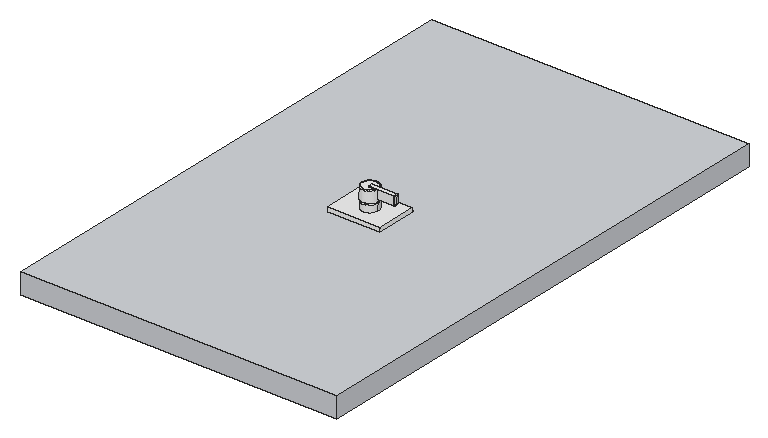
Revit family
Parameters (values of type "Polished Chrome")
  Waste Connection = no
  WFU = 0
  Version = 1
  Vent Connection = no
  URL = "http://www.deltafaucet.com"
  Series = "Monitor 14"  # constant formula
  Product URL = "http://www.deltafaucet.com/bath/details/T14053.html"
  Overall Width = 0' - 7.0874"  # constant formula
  Overall Height = 0' - 5.5874"  # constant formula
  Overall Depth = 0' - 3.27756"  # constant formula
  Model = "T14053"
  Manufacturer = "DELTA"  # constant formula
  Hot Water Connection Radius = Hot Water Connection NPT / 2  # 1/4"
  Hot Water Connection NPT = 1/2"
  HWFU = 0
  HW Connection = yes
  Flow Pressure [instance] = 0.00 psi
  Finish = Chrome - DELTA - Polished
  Description = "Tub and Shower Faucet Trim includes Pressure Balanced Bath Mixing Valve with Scald-Guard"
  Default Elevation = 3' - 9 1/4"
  Collection = "Vero"  # constant formula
  Cold Water Connection Radius = Cold Water Connection NPT / 2  # 1/4"
  Cold Water Connection NPT = 1/2"
  CWFU = 0
  CW Connection = yes
  CADworks URL = "http://www.CADworks.net"
  Assembly Code = "D2010710"
  ADA Compliant = yes
Types (3): name | Product URL | Model | Finish
  (no name) | "http://www.deltafaucet.com/bath/details/T14053.html" | "T14053" | Chrome - DELTA - Polished
  Polished Chrome | "http://www.deltafaucet.com/bath/details/T14053.html" | "T14053" | Chrome - DELTA - Polished
  Brilliance Stainless | "http://www.deltafaucet.com/bath/details/T14053-SS.html" | "T14053-SS" | Steel - DELTA - Brilliance Stainless
Reference planes (in)
  plane 1 "Center (Front/Back)": y = 0
  plane 2: z = 0
  plane 3 "Center (Left/Right)": x = 0
  plane 4: x = -3.5437
  plane 5: x = 3.5437
  plane 6: y = 2.7937
  plane 7: y = -2.7937
  plane 8: z = 0.5
  plane 9: z = 3.15354
  plane 10: z = 3.27756
  plane 11: z = 2.02756
  plane 12: z = 2.7811
  plane 13: x = -1
  plane 14: x = 1
  plane 15: z = -0.25
Forms (in)
  Extrusion 1, solid
    sketch origin (0, 0, 0) x (1, 0, 0) y (0, 1, 0)
      loop
        line (-20.62992, 36.22047) -> (-20.62992, -33.18244) -> (22.06226, -33.18244) -> (22.06226, 36.22047) -> (-20.62992, 36.22047)
    from 0 to -2.73823
  Blend 2, solid, material "Chrome - DELTA - Polished" <- "Finish"
    base sketch origin (0, 0, 0) x (1, 0, 0) y (0, 1, 0)
      loop
        arc (-3.50433, 2.7937) -> (-3.53217, 2.78217) -> (-3.5437, 2.75433) r 0.03937
        line (-3.5437, 2.75433) -> (-3.5437, -2.75433)
        arc (-3.5437, -2.75433) -> (-3.53217, -2.78217) -> (-3.50433, -2.7937) r 0.03937
        line (-3.50433, -2.7937) -> (3.50433, -2.7937)
        arc (3.50433, -2.7937) -> (3.53217, -2.78217) -> (3.5437, -2.75433) r 0.03937
        line (3.5437, -2.75433) -> (3.5437, 2.75433)
        arc (3.5437, 2.75433) -> (3.53217, 2.78217) -> (3.50433, 2.7937) r 0.03937
        line (3.50433, 2.7937) -> (-3.50433, 2.7937)
    top sketch origin (0, 0, 0) x (1, 0, 0) y (0, 1, 0)
      loop
        line (3.46457, 2.75394) -> (-3.46457, 2.75394)
        arc (-3.46457, 2.75394) -> (-3.49241, 2.74241) -> (-3.50394, 2.71457) r 0.03937
        line (-3.50394, 2.71457) -> (-3.50394, -2.71457)
        arc (-3.50394, -2.71457) -> (-3.49241, -2.74241) -> (-3.46457, -2.75394) r 0.03937
        line (-3.46457, -2.75394) -> (3.46457, -2.75394)
        arc (3.46457, -2.75394) -> (3.49241, -2.74241) -> (3.50394, -2.71457) r 0.03937
        line (3.50394, -2.71457) -> (3.50394, 2.71457)
        arc (3.50394, 2.71457) -> (3.49241, 2.74241) -> (3.46457, 2.75394) r 0.03937
    from 0 to 0.5
  Extrusion 3, solid, material "Chrome - DELTA - Polished" <- "Finish"
    sketch origin (-60, -180, -0.25) x (-1, 0, 0) y (0, -1, 0)
      loop
        circle (-60, -180) r 1.1124
    from 0.75 to 1.90236
  Extrusion 4, solid, material "Chrome - DELTA - Polished" <- "Finish"
    sketch origin (-60, -180, -0.25) x (-1, 0, 0) y (0, -1, 0)
      loop
        circle (-60, -180) r 1.13878
    from 3.40354 to 1.90236
  Revolve 5, void
    sketch origin (0, 0, 0) x (1, 0, 0) y (0, 0, 1)
      loop
        line (-1.13878, 3.15354) -> (-1.13878, 1.65236) -> (-1.11428, 3.11513)
        arc (-1.11428, 3.11513) -> (-1.10261, 3.14233) -> (-1.07522, 3.15354) r 0.03906
        line (-1.07522, 3.15354) -> (-1.13878, 3.15354)
      axis (0, 3.15354) -> (0, 1.65236)
    angle from 0 to 360
  Extrusion 6, solid, material "Chrome - DELTA - Polished" <- "Finish"
    sketch origin (-60, -180, -0.25) x (-1, 0, 0) y (0, -1, 0)
      loop
        line (-60, -180.23091) -> (-60, -179.76909)
        arc (-60, -179.76909) -> (-60.01176, -179.7407) -> (-60.04016, -179.72894) r 0.04016
        line (-60.04016, -179.72894) -> (-63.45984, -179.72894)
        arc (-63.45984, -179.72894) -> (-63.48824, -179.7407) -> (-63.5, -179.76909) r 0.04016
        line (-63.5, -179.76909) -> (-63.5, -180.23091)
        arc (-63.5, -180.23091) -> (-63.48824, -180.2593) -> (-63.45984, -180.27106) r 0.04016
        line (-63.45984, -180.27106) -> (-60.04016, -180.27106)
        arc (-60.04016, -180.27106) -> (-60.01176, -180.2593) -> (-60, -180.23091) r 0.04016
    from 2.27756 to 3.52756
  Extrusion 7, void
    sketch origin (0, 0, 0) x (1, 0, 0) y (0, 0, 1)
      loop
        arc (3.45984, 3.27756) -> (3.48824, 3.2658) -> (3.5, 3.2374) r 0.04016
        line (3.5, 3.2374) -> (3.5, 3.27756) -> (3.45984, 3.27756)
      loop
        line (3.45984, 2.02756) -> (3.5, 2.02756) -> (3.5, 2.06772)
        arc (3.5, 2.06772) -> (3.48824, 2.03932) -> (3.45984, 2.02756) r 0.04016
      loop
        line (0.04016, 3.27756) -> (0, 3.27756) -> (0, 3.2374)
        arc (0, 3.2374) -> (0.01176, 3.2658) -> (0.04016, 3.27756) r 0.04016
    from -0.27106 to 0.27106
  Extrusion 8, solid, material "Chrome - DELTA - Polished" <- "Finish"
    sketch origin (0, 0, 0) x (0, 1, 0) y (0, 0, 1)
      loop
        circle (0, 2.7811) r 0.16496
    from -1.12992 to 0
  Extrusion 9, solid, material "Chrome - DELTA - Polished" <- "Finish", detail levels fine
    sketch origin (-60, -180, -0.25) x (-1, 0, 0) y (0, -1, 0)
      loop
        circle (-59, -180) r 0.25
      loop
        circle (-61, -180) r 0.25
    from 0 to 0.25
  Revolve 10, void
    sketch origin (0, 0, 0) x (1, 0, 0) y (0, 0, 1)
      loop
        line (-1.0499, 1.45713) -> (-0.90108, 1.45713)
        arc (-0.90108, 1.45713) -> (-0.85689, 1.47544) -> (-0.83858, 1.51963) r 0.0625
        line (-0.83858, 1.51963) -> (-0.83858, 1.65236) -> (-1.1124, 1.65236) -> (-1.1124, 1.39463)
        arc (-1.1124, 1.39463) -> (-1.0941, 1.43883) -> (-1.0499, 1.45713) r 0.0625
      axis (0, 1.65236) -> (0, 1.39463)
    angle from 0 to 360
Cuts and joins
  Revolve 5, Extrusion 7 cuts Extrusion 4
  Extrusion 7 cuts Extrusion 6
  joined: Extrusion 4, Extrusion 6, Extrusion 8
  Revolve 10 cuts Extrusion 3
Lines and regions (in)
  Masking region 1
    outline origin (0, 0, 0) x (1, 0, 0) y (0, 0, 1)
      loop
        line (-3.5437, 0) -> (3.5437, 0) -> (3.50394, 0.5) -> (1.1124, 0.5) -> (1.1124, 1.39136)
        arc (1.1124, 1.39136) -> (1.09314, 1.43787) -> (1.04662, 1.45713) r 0.06578
        line (1.04662, 1.45713) -> (0.87576, 1.45713)
        arc (0.87576, 1.45713) -> (0.84931, 1.4699) -> (0.83858, 1.49724) r 0.04023
        line (0.83858, 1.49724) -> (0.83858, 1.65236) -> (1.13878, 1.65236) -> (1.1325, 2.02756) -> (3.45984, 2.02756)
        arc (3.45984, 2.02756) -> (3.48824, 2.03932) -> (3.5, 2.06772) r 0.04016
        line (3.5, 2.06772) -> (3.5, 3.2374)
        arc (3.5, 3.2374) -> (3.48824, 3.2658) -> (3.45984, 3.27756) r 0.04016
        line (3.45984, 3.27756) -> (0.04016, 3.27756)
        arc (0.04016, 3.27756) -> (0.01176, 3.2658) -> (0, 3.2374) r 0.04016
        line (0, 3.2374) -> (0, 3.15354) -> (-1.07477, 3.15354)
        arc (-1.07477, 3.15354) -> (-1.10273, 3.14196) -> (-1.11431, 3.11401) r 0.03953
        line (-1.11431, 3.11401) -> (-1.13878, 1.65236) -> (-0.83858, 1.65236) -> (-0.83858, 1.49724)
        arc (-0.83858, 1.49724) -> (-0.84931, 1.4699) -> (-0.87576, 1.45713) r 0.04023
        line (-0.87576, 1.45713) -> (-1.04662, 1.45713)
        arc (-1.04662, 1.45713) -> (-1.09314, 1.43787) -> (-1.1124, 1.39136) r 0.06578
        line (-1.1124, 1.39136) -> (-1.1124, 0.5) -> (-3.50394, 0.5) -> (-3.5437, 0)
  symbolic lines, detail levels medium+fine
    curve 1: line (-0.83858, 0, 1.65236) -> (0.83858, 0, 1.65236)
    curve 2: line (-0.87576, 0, 1.45713) -> (0.87576, 0, 1.45713)
  symbolic lines
    curve 3: line (-1.1124, 0, 0.5) -> (1.1124, 0, 0.5)
    curve 4: line (0, 0, 3.15354) -> (1.03948, 0, 3.15354)
    curve 5: arc (1.0808, 0, 3.11573) -> (1.06765, 0, 3.14283) -> (1.03948, 0, 3.15348) r 0.04072
    curve 6: line (1.09958, 0, 2.02756) -> (1.0808, 0, 3.11573)
    curve 7: line (1.09958, 0, 2.02756) -> (1.1325, 0, 2.02756)
Dimensions and locks (in)
  Blend 2 sketch curve to Blend 2 sketch curve to plane 1 "Center (Front/Back)" to Blend 2 sketch curve to Blend 2 sketch curve = 0' - 0.03937" locked, 0' - 2.75433" locked, 0' - 2.75433" locked, 0' - 0.03937" locked
  Blend 2 sketch curve to plane 1 "Center (Front/Back)" to Blend 2 sketch curve = 0' - 2.75433" locked, 0' - 2.75433" locked
  Blend 2 sketch curve to plane 3 "Center (Left/Right)" to Blend 2 sketch curve = 0' - 3.50433" locked, 0' - 3.50433" locked  (x2)
  Blend 2 sketch curve to Blend 2 sketch curve to plane 3 "Center (Left/Right)" to Blend 2 sketch curve to Blend 2 sketch curve = 0' - 0.03937" locked, 0' - 3.46457" locked, 0' - 3.46457" locked, 0' - 0.03937" locked
  Blend 2 sketch curve to plane 3 "Center (Left/Right)" to Blend 2 sketch curve = 0' - 3.46457" locked, 0' - 3.46457" locked
  Blend 2 sketch curve to Blend 2 sketch curve to plane 1 "Center (Front/Back)" to Blend 2 sketch curve to Blend 2 sketch curve = 0' - 0.03937" locked, 0' - 2.71457" locked, 0' - 2.71457" locked, 0' - 0.03937" locked
  Blend 2 sketch curve to plane 1 "Center (Front/Back)" to Blend 2 sketch curve = 0' - 2.71457" locked, 0' - 2.71457" locked
  locked: plane 8 to plane 2 at 0.5
  "Overall Height": plane 7 to plane 6
  equal spacing: plane 7, plane 1 "Center (Front/Back)", plane 6
  "Overall Width": plane 4 to plane 5
  equal spacing: plane 4, plane 3 "Center (Left/Right)", plane 5
  locked: plane 3 "Center (Left/Right)" to Extrusion 6 sketch curve at 3.5
  locked: cut or joined group of Extrusion 4, Revolve 5, Extrusion 6, Extrusion 7, Extrusion 8 to plane 3 "Center (Left/Right)" at 1.12992
  "Overall Depth": plane 10 to plane 2
  locked: plane 10 to plane 11 at 1.25
  locked: plane 10 to plane 12 at 0.49646
  locked: plane 10 to plane 9 at 0.12402
  locked: plane 1 "Center (Front/Back)" to Extrusion 3 sketch curve at 0
  locked: Extrusion 3 sketch curve to plane 3 "Center (Left/Right)" at 0
  locked: plane 1 "Center (Front/Back)" to Extrusion 4 sketch curve at 0
  locked: Extrusion 4 sketch curve to plane 3 "Center (Left/Right)" at 0
  locked: Extrusion 8 sketch curve to plane 1 "Center (Front/Back)" at 0
  locked: Extrusion 8 sketch curve to plane 12 at 0
  locked: Masking region 1 sketch curve to level at 0
  locked: Masking region 1 sketch curve to plane 4 at 0
  locked: Masking region 1 sketch curve to plane 8 at 0  (x2)
  locked: Masking region 1 sketch curve to plane 9 at 0
  locked: Masking region 1 sketch curve to plane 3 "Center (Left/Right)" at 0
  locked: Masking region 1 sketch curve to plane 10 at 0
  locked: Masking region 1 sketch curve to plane 11 at 0
  locked: plane 5 to Masking region 1 sketch curve at 0
  locked: plane 4 to Masking region 1 sketch curve at 0.03976
  locked: plane 13 to Masking region 1 sketch curve at 0.13878
  locked: Masking region 1 sketch curve to plane 9 at 0.03953
  locked: plane 13 to Masking region 1 sketch curve at 0.11431
  locked: plane 13 to Masking region 1 sketch curve at 0.1124
  locked: plane 13 to Masking region 1 sketch curve at 0.04662
  locked: Masking region 1 sketch curve to plane 13 at 0.12119
  locked: Masking region 1 sketch curve to Masking region 1 sketch curve at 0.00305  (x2)
  locked: Masking region 1 sketch curve to Masking region 1 sketch curve at 0.04023
  locked: Masking region 1 sketch curve to Masking region 1 sketch curve at 0.04016  (x2)
  locked: Masking region 1 sketch curve to plane 14 at 0.16142
  locked: Masking region 1 sketch curve to Masking region 1 sketch curve at 0.03718
  locked: plane 14 to Masking region 1 sketch curve at 0.04662
  locked: Masking region 1 sketch curve to Masking region 1 sketch curve at 0.06578
  locked: plane 14 to Masking region 1 sketch curve at 0.1325
  locked: plane 14 to Masking region 1 sketch curve at 0.13878
  locked: plane 5 to Masking region 1 sketch curve at 0.08386  (x2)
  locked: plane 5 to Masking region 1 sketch curve at 0.03976
  locked: Masking region 1 sketch curve to plane 11 at 0.6362  (x2)
  locked: Masking region 1 sketch curve to Masking region 1 sketch curve at 0.15512
  locked: Masking region 1 sketch curve to Masking region 1 sketch curve at 0.19523
  locked: plane 1 "Center (Front/Back)" to Extrusion 9 sketch curve at 0  (x2)
  locked: Extrusion 9 sketch curve to plane 14 at 0
  locked: Extrusion 9 sketch curve to plane 13 at 0
  locked: plane 2 to plane 15 at 0.25
  locked: plane 13 to plane 14 at 2
  equal spacing: plane 13, plane 3 "Center (Left/Right)", plane 14
  locked: cut or joined group of Extrusion 4, Revolve 5, Extrusion 6, Extrusion 7, Extrusion 8 to cut or joined group of Extrusion 4, Revolve 5, Extrusion 6, Extrusion 7, Extrusion 8 at 0.54213
  equal spacing: cut or joined group of Extrusion 4, Revolve 5, Extrusion 6, Extrusion 7, Extrusion 8, plane 1 "Center (Front/Back)", cut or joined group of Extrusion 4, Revolve 5, Extrusion 6, Extrusion 7, Extrusion 8
  locked: cut or joined group of Extrusion 4, Revolve 5, Extrusion 6, Extrusion 7, Extrusion 8 to plane 10 at 1.6252
  Extrusion 3 to plane 2 = 0' - 1 167/256"
  locked: curve 3 to plane 8 at 0
  locked: curve 4 to plane 3 "Center (Left/Right)" at 0
  locked: curve 4 to plane 9 at 0
  locked: curve 6 to plane 11 at 0
  locked: curve 1 to plane 13 at 0.16142
  locked: plane 13 to curve 3 at 0.1124
  locked: plane 14 to curve 4 at 0.03948
  locked: curve 4 to curve 5 at 0
  locked: plane 14 to curve 5 at 0.04019
  locked: curve 6 to plane 9 at 0.03781
  locked: curve 5 to curve 6 at 0.04061
  locked: plane 14 to curve 6 at 0.09958
  locked: plane 14 to curve 3 at 0.1124
  locked: curve 6 to curve 7 at 0.03292
  locked: curve 5 to curve 6 at 0.00296
  locked: curve 2 to plane 13 at 0.12424
  locked: curve 1 to plane 14 at 0.16142
  locked: curve 2 to plane 14 at 0.12424
  locked: curve 2 to curve 1 at 0.19523
  locked: curve 2 to plane 11 at 0.57043
  locked: plane 13 to Revolve 5 sketch curve at 0.07522  (x2)
  locked: Revolve 5 sketch curve to plane 3 "Center (Left/Right)" at 0
  locked: Revolve 5 sketch curve to Revolve 5 sketch curve at 0.03906
  locked: Revolve 5 sketch curve to Revolve 5 sketch curve at 0.0245
  locked: Revolve 5 sketch curve to plane 9 at 0.03841
  locked: Revolve 5 sketch curve to plane 11 at 0.3752
  locked: plane 8 to Revolve 5 sketch curve at 0.54812
  locked: plane 10 to Revolve 5 sketch curve at 0.13277
  locked: Revolve 5 sketch curve to plane 9 at 0  (x2)
  locked: Revolve 10 sketch curve to plane 3 "Center (Left/Right)" at 0
  locked: Revolve 10 sketch curve to plane 13 at 0.16142
  locked: Revolve 10 sketch curve to Revolve 10 sketch curve at 0.0625  (x2)
  locked: plane 13 to Revolve 10 sketch curve at 0.0499
  locked: plane 8 to Revolve 10 sketch curve at 0.67699
  locked: Revolve 10 sketch curve to plane 11 at 0.63293
  locked: Revolve 10 sketch curve to Revolve 10 sketch curve at 0.19523
  locked: Revolve 10 sketch curve to plane 11 at 0.23176
  radius of Blend 2 sketch curve = 0' - 0.03937"  (x8)
  "Hot Water Connection Radius": radius of Extrusion 9 sketch curve
  "Cold Water Connection Radius": radius of Extrusion 9 sketch curve
  aligned and locked: plane 2 to Extrusion 1
  aligned and locked: level to Extrusion 1
  aligned and locked: Blend 2 to plane 2
  aligned and locked: plane 4 to Blend 2 sketch curve
  aligned and locked: Blend 2 sketch curve to plane 5
  aligned and locked: plane 8 to Blend 2
  aligned and locked: plane 8 to Extrusion 3
  aligned and locked: plane 9 to cut or joined group of Extrusion 4, Revolve 5, Extrusion 6, Extrusion 7, Extrusion 8  (x4)
  aligned and locked: plane 10 to Extrusion 6
  aligned and locked: Extrusion 6 to plane 11
  aligned and locked: cut or joined group of Extrusion 4, Revolve 5, Extrusion 6, Extrusion 7, Extrusion 8 to plane 3 "Center (Left/Right)"
  aligned and locked: plane 10 to cut or joined group of Extrusion 4, Revolve 5, Extrusion 6, Extrusion 7, Extrusion 8
  aligned and locked: cut or joined group of Extrusion 4, Revolve 5, Extrusion 6, Extrusion 7, Extrusion 8 to plane 11
  aligned and locked: Extrusion 7 to Extrusion 6  (x2)
  aligned and locked: plane 3 "Center (Left/Right)" to Extrusion 8
  aligned and locked: Extrusion 9 to plane 15
  aligned and locked: plane 2 to Extrusion 9
  aligned and locked: plane 1 "Center (Front/Back)" to Extrusion 3
  aligned and locked: cut or joined group of Extrusion 3, Revolve 10 to cut or joined group of Extrusion 4, Revolve 5, Extrusion 6, Extrusion 7, Extrusion 8
Automatic sketch dimensions
  Extrusion 1 sketch curve to Extrusion 1 sketch curve = 3' - 6.69219"
  Extrusion 1 sketch curve to Extrusion 1 sketch curve = 5' - 9.40292"
  Extrusion 6 sketch curve to plane 3 "Center (Left/Right)" = 0' - 0"
  Extrusion 6 sketch curve to Extrusion 6 sketch curve = 0' - 0.04016"  (x2)
  plane 3 "Center (Left/Right)" to Extrusion 6 sketch curve = 0' - 0.04016"  (x2)
  Extrusion 6 sketch curve to plane 1 "Center (Front/Back)" = 0' - 0.27106"
  plane 1 "Center (Front/Back)" to Extrusion 6 sketch curve = 0' - 0.23091"
  Extrusion 7 sketch curve to plane 3 "Center (Left/Right)" = 0' - 0"
  Extrusion 7 sketch curve to plane 10 = 0' - 0"  (x2)
  Extrusion 7 sketch curve to plane 11 = 0' - 0"
  Extrusion 7 sketch curve to Extrusion 7 sketch curve = 0' - 0.04016"  (x2)
  plane 5 to Extrusion 7 sketch curve = 0' - 0.08386"  (x2)
  Extrusion 7 sketch curve to plane 10 = 0' - 0.04016"
  radius of Extrusion 3 sketch curve = 0' - 1.1124"
  radius of Extrusion 4 sketch curve = 0' - 1.13878"
  radius of Extrusion 8 sketch curve = 0' - 0.16496"
Connectors (in)
  piping at (-1, 0, 0), driven by "Hot Water Connection Radius", driven by "HWFU", driven by "Flow Pressure"
    settings: on Extrusion 9, index 5
  piping at (1, 0, 0), driven by "Cold Water Connection Radius", driven by "CWFU", driven by "Flow Pressure"
    settings: on Extrusion 9, index 6
